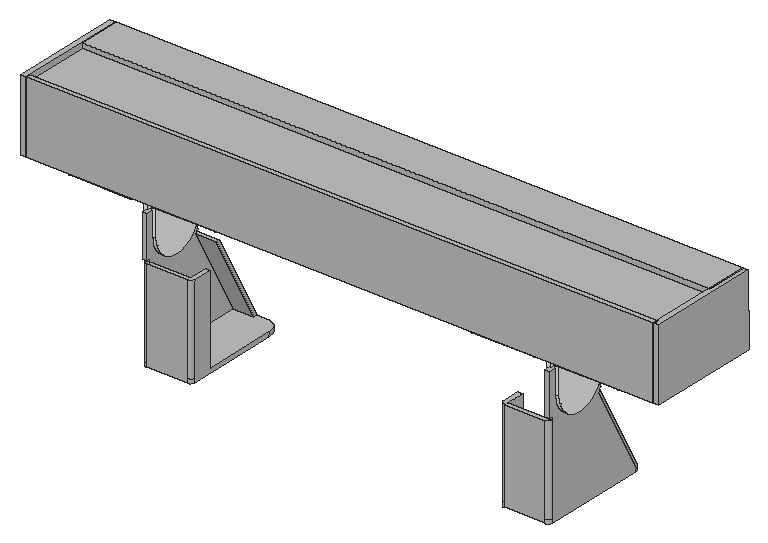
Revit family "4070742+4070747+4070771 Feilo Sylvania Lighting Fixtures CURSUS 306MM 218LM OVAL LED 4K with SINGLE WALL HOUSING with 70MM WALL BRACKET", category Lighting Fixtures, host Face, Revit 2017
Family settings
  Host = Face
  Round Connector Dimension = Use Diameter
  Part Type = Normal
  OmniClass Number = 23.80.70.14
  OmniClass Title = Luminaries for External Lighting
  Cut with Voids When Loaded = Yes
  Light Source = No
  Shared = No
  Room Calculation Point = No
Parameters (values of type "4070742 CURSUS 306MM 218LM OVAL LED 4K")
  Weight = "0.6 kg"
  Wattage Comments = "n/a"
  WarrantyStartDate [instance] = "n/a"
  WarrantyGuarantorParts = "n/a"
  WarrantyDurationUnit = "n/a"
  WarrantyDurationParts = "n/a"
  WarrantyDescription = "n/a"
  Voltage = 24 V
  URL = "http://www.sylvania-lighting.com"
  TypeName = "CURSUS 306MM 218LM OVAL LED 4K"
  TypeFixture_FEILO = CURSUS with SINGLE WALL HOUSING : CURSUS 306MM 218LM OVAL LED 4K
  Type Image = <None>
  Type Comments = "n/a"
  TiltAngle [instance] = 0.00°
  StartAngle [instance] = TiltAngle + 270.00°  # 270.00°
  SerialNumber [instance] = "n/a"
  ReflectorMaterial = none
  PowerFactor = 0
  PowerConsumption = "4.5 W"
  NominalLength = 306 mm
  NominalHeight = 50 mm
  NominalDepth = 30 mm
  Name = "CURSUS 306MM 218LM OVAL LED 4K"
  ModelReference = Name  # "CURSUS 306MM 218LM OVAL LED 4K"
  ModelNumber = "4070742"
  Model = Name  # "CURSUS 306MM 218LM OVAL LED 4K"
  Material = "natural anodised extruded aluminium structure housing, optical system with pmma lenses diffuser"
  ManufacturerName = "Feilo Sylvania"
  Manufacturer = "Feilo Sylvania"
  LuminousEfficacy = "48.44 lm/W"
  LuminaireType = ""
  LightOutputRatio = "100"
  LampsType = Lamp  # "LED"
  LampNominalLuminous = "218 lm"
  LampMacAdamStep = "n/a"
  LampColourTemperature = "4000 K"
  LampColourRenderingIndex = "80"
  Lamp = "LED"
  Keynote = "16500"
  InstallationDate [instance] = "n/a"
  InputVoltage = "24V DC"
  InputNominalFrequency = "n/a"
  IngressProtection = "IP67"
  ImpactProtectionIndex = "IK07"
  IfcExportType = "IfcLightFixtureType"
  IfcExportAs = "IfcLightFixtureType"
  ExpectedLife = 50000
  EndAngle [instance] = StartAngle - 180.00°  # 90.00°
  ElectricShockClassification = "Class III"
  DurationUnit = "hours"
  DocumentationLiterature = "http://www.sylvania-lighting.com/product/en-int/products/4070742"
  DimmingControlOptions = "n/a"
  DiffuserMaterial = Diffuser-Sylvania-Glow
  Description = "LED Exterior Lighting Recessed Surface Mounted Linear Fixture, Natural anodised extruded aluminium structure. Die-cast aluminium end caps. Installation kit with harmonic steel springs., 218 lm, 4,5W,  48lm/W, 4000K, CRI80+,non dimmable,IP67, IK07, (HxWxD) 306x50x30mm, 3 step Mac Adam Ellipse, 0.6kg,, Classe III, 21-25V-DC, energy class : A++, A+, A"
  Default Elevation = 1219.2 mm
  CreatedOn = "1/8/2018"
  CreatedBy = ""
  Cost = 0
  built-in parameter 1114216 [instance] = (empty or 0)
  ClassificationValue = "EF_70_80"
  ClassificationName = "Uniclass2015"
  BracketWidth = 24 mm
  BracketThickness = 2 mm
  BracketHeightEnd = 32 mm
  BracketHeight = 55 mm
  BracketFlange = BracketHeight / 5  # 11 mm
  BracketExtension = 70 mm
  BracketEndReduction = 25 mm
  BracketC = 22 mm  # constant formula
  BracketDistance = 175 mm
  BracketD = BracketHeightEnd - (BracketC * (BracketHeight - BracketHeightEnd) / (BracketExtension - BracketEndReduction))  # 20.756 mm
  BodyMaterial = Body-Sylvania-Gray
  BarCode [instance] = "n/a"
  AssetType = "Fixed"
  AssetIdentifier [instance] = "n/a"
  Assembly Code = "D5020200"
  Apparent Load = 4.5 VA
  AccessoryMaterial = Diffuser-Sylvania-Glow
Reference planes
  plane 1 "Center (Front/Back)": y = 0
  plane 2: z = 0
  plane 3 "Center (Left/Right)": x = 0
  plane 4: x = -99.5
  plane 5: x = 99.5
  plane 6: y = 55
  plane 7: x = -75.5
  plane 8: x = 75.5
  plane 9: z = 70
  plane 10: z = 56
  plane 11: z = 2
  plane 12: z = 45
  plane 13: x = -97.5
  plane 14: y = 53
  plane 15: y = 2
  plane 16: x = -77.5
  plane 17: x = 77.5
  plane 18: x = 97.5
  plane 19: x = -87.5
  plane 20: x = 87.5
  plane 21: y = 11
  plane 22: y = 32
  plane 23: y = 30
  plane 24: z = 67
  plane 25: y = 20.756
  plane 26: y = 16
Forms (mm)
  Blend 1, solid, material "Body-Sylvania-Gray" <- "BodyMaterial"
    base sketch origin (1223.4, -4572, 2) x (0, -1, 0) y (1, 0, 0)
      loop
        line (-4625, -1310.9) -> (-4627, -1310.9) -> (-4627, -1320.9)
        arc (-4627, -1320.9) -> (-4626.414, -1322.314) -> (-4625, -1322.9) r 2
        line (-4625, -1322.9) -> (-4574, -1322.9)
        arc (-4574, -1322.9) -> (-4572.586, -1322.314) -> (-4572, -1320.9) r 2
        line (-4572, -1320.9) -> (-4572, -1300.9)
        arc (-4572, -1300.9) -> (-4572.586, -1299.486) -> (-4574, -1298.9) r 2
        line (-4574, -1298.9) -> (-4583, -1298.9) -> (-4583, -1300.9) -> (-4574, -1300.9) -> (-4574, -1320.9) -> (-4625, -1320.9) -> (-4625, -1310.9)
    top sketch origin (1223.4, -4572, 2) x (0, -1, 0) y (1, 0, 0)
      loop
        line (-4583, -1300.9) -> (-4574, -1300.9) -> (-4574, -1320.9) -> (-4602, -1320.9) -> (-4602, -1310.9) -> (-4604, -1310.9) -> (-4604, -1320.9)
        arc (-4604, -1320.9) -> (-4603.52, -1322.21) -> (-4602.309, -1322.9) r 2.028
        line (-4602.309, -1322.9) -> (-4574, -1322.9)
        arc (-4574, -1322.9) -> (-4572.586, -1322.314) -> (-4572, -1320.9) r 2
        line (-4572, -1320.9) -> (-4572, -1300.9)
        arc (-4572, -1300.9) -> (-4572.586, -1299.486) -> (-4574, -1298.9) r 2
        line (-4574, -1298.9) -> (-4583, -1298.9) -> (-4583, -1300.9)
    from 0 to 43
  Extrusion 2, solid, material "Body-Sylvania-Gray" <- "BodyMaterial"
    sketch origin (0, 0, 0) x (1, 0, 0) y (0, 1, 0)
      loop
        arc (-97.5, 55) -> (-98.914, 54.414) -> (-99.5, 53) r 2
        line (-99.5, 53) -> (-99.5, 2)
        arc (-99.5, 2) -> (-98.914, 0.586) -> (-97.5, 0) r 2
        line (-97.5, 0) -> (-77.5, 0)
        arc (-77.5, 0) -> (-76.086, 0.586) -> (-75.5, 2) r 2
        line (-75.5, 2) -> (-75.5, 47.5)
        arc (-75.5, 47.5) -> (-77.697, 52.803) -> (-83, 55) r 7.5
        line (-83, 55) -> (-97.5, 55)
      loop
        line (97.5, 55) -> (83, 55)
        arc (83, 55) -> (77.697, 52.803) -> (75.5, 47.5) r 7.5
        line (75.5, 47.5) -> (75.5, 2)
        arc (75.5, 2) -> (76.086, 0.586) -> (77.5, 0) r 2
        line (77.5, 0) -> (97.5, 0)
        arc (97.5, 0) -> (98.914, 0.586) -> (99.5, 2) r 2
        line (99.5, 2) -> (99.5, 53)
        arc (99.5, 53) -> (98.914, 54.414) -> (97.5, 55) r 2
    from 0 to 2
  Blend 3, solid, material "Body-Sylvania-Gray" <- "BodyMaterial"
    base sketch origin (1223.4, -4572, 2) x (0, -1, 0) y (1, 0, 0)
      loop
        line (-4625, -1125.9) -> (-4574, -1125.9) -> (-4574, -1145.9) -> (-4583, -1145.9) -> (-4583, -1147.9) -> (-4574, -1147.9)
        arc (-4574, -1147.9) -> (-4572.586, -1147.314) -> (-4572, -1145.9) r 2
        line (-4572, -1145.9) -> (-4572, -1125.9)
        arc (-4572, -1125.9) -> (-4572.586, -1124.486) -> (-4574, -1123.9) r 2
        line (-4574, -1123.9) -> (-4625, -1123.9)
        arc (-4625, -1123.9) -> (-4626.414, -1124.486) -> (-4627, -1125.9) r 2
        line (-4627, -1125.9) -> (-4627, -1135.9) -> (-4625, -1135.9) -> (-4625, -1125.9)
    top sketch origin (1223.4, -4572, 2) x (0, -1, 0) y (1, 0, 0)
      loop
        line (-4602, -1135.9) -> (-4602, -1125.9) -> (-4574, -1125.9) -> (-4574, -1145.9) -> (-4583, -1145.9) -> (-4583, -1147.9) -> (-4574, -1147.9)
        arc (-4574, -1147.9) -> (-4572.586, -1147.314) -> (-4572, -1145.9) r 2
        line (-4572, -1145.9) -> (-4572, -1125.9)
        arc (-4572, -1125.9) -> (-4572.586, -1124.486) -> (-4574, -1123.9) r 2
        line (-4574, -1123.9) -> (-4602, -1123.9)
        arc (-4602, -1123.9) -> (-4603.414, -1124.486) -> (-4604, -1125.9) r 2
        line (-4604, -1125.9) -> (-4604, -1135.9) -> (-4602, -1135.9)
    from 0 to 43
  Blend 4, solid, material "Body-Sylvania-Gray" <- "BodyMaterial"
    base sketch origin (1223.4, -4572, 45) x (0, -1, 0) y (1, 0, 0)
      loop
        line (-4604, -1322.9) -> (-4572, -1322.9) -> (-4572, -1320.9) -> (-4604, -1320.9) -> (-4604, -1322.9)
    top sketch origin (1223.4, -4572, 45) x (0, -1, 0) y (1, 0, 0)
      loop
        line (-4572, -1322.9) -> (-4572, -1320.9) -> (-4592.756, -1320.9) -> (-4592.756, -1322.9) -> (-4572, -1322.9)
    from 0 to 22
  Blend 5, solid, material "Body-Sylvania-Gray" <- "BodyMaterial"
    base sketch origin (1223.4, -4572, 45) x (0, -1, 0) y (1, 0, 0)
      loop
        line (-4604, -1125.9) -> (-4572, -1125.9) -> (-4572, -1123.9) -> (-4604, -1123.9) -> (-4604, -1125.9)
    top sketch origin (1223.4, -4572, 45) x (0, -1, 0) y (1, 0, 0)
      loop
        line (-4572, -1123.9) -> (-4592.756, -1123.9) -> (-4592.756, -1125.9) -> (-4572, -1125.9) -> (-4572, -1123.9)
    from 0 to 22
  Extrusion 6, void
    sketch origin (0, 0, 0) x (0, 1, 0) y (0, 0, 1)
      loop
        line (0, 45) -> (2, 45) -> (2, 46.5) -> (0, 46.5) -> (0, 45)
      loop
        line (32, 45) -> (32, 46.5) -> (30, 46.5) -> (30, 45) -> (32, 45)
    from -99.5 to 99.5
  Revolve 7, solid, not visible
    sketch origin (1524, 16, 1219.2) x (1, 0, 0) y (0, 0, 1)
      loop
        line (-1524, -1152.2) -> (-1524, -1163.2) -> (-1436.5, -1163.2) -> (-1436.5, -1152.2) -> (-1524, -1152.2)
      axis (-1436.5, -1163.2) -> (-1524, -1163.2)
    angle from 270 <- "StartAngle" to 90 <- "EndAngle"
Cuts and joins
  Extrusion 6 cuts Blend 4
  Extrusion 6 cuts Blend 5
  joined: Blend 1, Extrusion 2, Blend 3, Blend 4, Blend 5
Lines and regions (mm)
  reference lines, not visible
    curve 1: line (-75.5, 16, 56) -> (75.5, 16, 56)
Dimensions and locks
  equal spacing: plane 4, plane 3 "Center (Left/Right)", plane 5
  "BracketDistance": plane 19 to plane 20
  "BracketHeight": plane 1 "Center (Front/Back)" to plane 6
  equal spacing: plane 7, plane 3 "Center (Left/Right)", plane 8
  "BracketWidth": plane 4 to plane 7
  "BracketExtension": plane 9 to plane 2
  "BracketThickness": plane 11 to plane 2
  "BracketEndReduction": plane 9 to plane 12
  equal spacing: plane 13, plane 3 "Center (Left/Right)", plane 18
  equal spacing: plane 16, plane 3 "Center (Left/Right)", plane 17
  "BracketThickness": plane 4 to plane 13
  "BracketThickness": plane 16 to plane 7
  "BracketThickness": plane 14 to plane 6
  "BracketThickness": plane 1 "Center (Front/Back)" to plane 15
  equal spacing: plane 4, plane 19, plane 7
  equal spacing: plane 8, plane 20, plane 5
  "BracketFlange": plane 1 "Center (Front/Back)" to plane 21
  "BracketHeightEnd": plane 1 "Center (Front/Back)" to plane 22
  "BracketThickness": plane 23 to plane 22
  locked: Extrusion 2 sketch curve to plane 7 at 7.5
  locked: Extrusion 2 sketch curve to plane 6 at 7.5  (x2)
  locked: plane 8 to Extrusion 2 sketch curve at 7.5
  "BracketC": plane 24 to plane 12
  "BracketD": plane 1 "Center (Front/Back)" to plane 25
  locked: plane 12 to Extrusion 6 sketch curve at 1.5
  equal spacing: plane 24, plane 10, plane 12
  equal spacing: plane 1 "Center (Front/Back)", plane 26, plane 22
  aligned and locked: plane 2 to host face
  aligned and locked: level to host face
  aligned and locked: plane 4 to Blend 1 sketch curve  (x2)
  aligned and locked: plane 13 to Blend 1 sketch curve  (x3)
  aligned and locked: Blend 1 sketch curve to plane 15
  aligned and locked: Blend 1 sketch curve to plane 16
  aligned and locked: Blend 1 sketch curve to plane 21
  aligned and locked: plane 7 to Blend 1 sketch curve
  aligned and locked: plane 16 to Blend 1 sketch curve
  aligned and locked: plane 1 "Center (Front/Back)" to Blend 1 sketch curve
  aligned and locked: plane 14 to Blend 1 sketch curve
  aligned and locked: Blend 1 sketch curve to var sketch  (x6)
  aligned and locked: Blend 1 sketch curve to plane 19
  aligned and locked: Blend 1 sketch curve to plane 22
  aligned and locked: plane 23 to Blend 1 sketch curve
  aligned and locked: plane 11 to Blend 1
  aligned and locked: Extrusion 2 sketch curve to Blend 1  (x3)
  aligned and locked: Extrusion 2 to level
  aligned and locked: Extrusion 2 to plane 11
  aligned and locked: Extrusion 2 sketch curve to plane 7
  aligned and locked: plane 18 to Blend 3 sketch curve  (x4)
  aligned and locked: plane 14 to Blend 3 sketch curve  (x2)
  aligned and locked: Blend 3 sketch curve to plane 20
  aligned and locked: Blend 3 sketch curve to plane 6
  aligned and locked: plane 5 to Blend 3 sketch curve
  aligned and locked: plane 1 "Center (Front/Back)" to Blend 3 sketch curve
  aligned and locked: plane 15 to Blend 3 sketch curve  (x2)
  aligned and locked: Blend 3 sketch curve to plane 8
  aligned and locked: Blend 3 sketch curve to plane 21
  aligned and locked: plane 17 to Blend 3 sketch curve
  aligned and locked: Blend 3 sketch curve to plane 18
  aligned and locked: plane 20 to Blend 3 sketch curve  (x2)
  aligned and locked: Blend 3 sketch curve to plane 23
  aligned and locked: Blend 3 sketch curve to var sketch  (x8)
  aligned and locked: var sketch to Blend 3 sketch curve
  aligned and locked: plane 22 to Blend 3 sketch curve
  aligned and locked: plane 11 to Blend 3
  aligned and locked: Extrusion 2 sketch curve to Blend 3  (x4)
  aligned and locked: Blend 1 to plane 12
  aligned and locked: Blend 3 to plane 12
  aligned and locked: Blend 4 sketch curve to plane 22
  aligned and locked: Blend 4 sketch curve to cut or joined group of Blend 1, Extrusion 2, Blend 3, Blend 4, Blend 5, Extrusion 6  (x2)
  aligned and locked: cut or joined group of Blend 1, Extrusion 2, Blend 3, Blend 4, Blend 5, Extrusion 6 to Blend 4 sketch curve
  aligned and locked: Blend 4 sketch curve to var sketch  (x2)
  aligned and locked: Blend 4 sketch curve to plane 13
  aligned and locked: Blend 4 to plane 24
  aligned and locked: Blend 4 sketch curve to plane 25
  aligned and locked: Blend 5 sketch curve to plane 18  (x2)
  aligned and locked: plane 1 "Center (Front/Back)" to Blend 5 sketch curve
  aligned and locked: plane 5 to Blend 5 sketch curve
  aligned and locked: plane 22 to Blend 5 sketch curve
  aligned and locked: Blend 5 sketch curve to var sketch
  aligned and locked: var sketch to Blend 5 sketch curve
  aligned and locked: Blend 5 sketch curve to plane 25
  aligned and locked: Blend 5 to plane 24
  aligned and locked: plane 12 to Blend 5
  aligned and locked: Extrusion 6 sketch curve to cut or joined group of Blend 1, Extrusion 2, Blend 3, Blend 4, Blend 5, Extrusion 6  (x2)
  aligned and locked: Extrusion 6 sketch curve to Extrusion 6 sketch curve
  aligned and locked: Extrusion 6 sketch curve to plane 15
  aligned and locked: plane 5 to Extrusion 6
  aligned and locked: Extrusion 6 to plane 4
  aligned and locked: Extrusion 6 sketch curve to plane 23
  aligned and locked: Revolve 7 sketch curve to plane 10  (x2)
  aligned and locked: plane 24 to Revolve 7 sketch curve
  aligned and locked: plane 3 "Center (Left/Right)" to Revolve 7 sketch curve
  aligned and locked: Revolve 7 sketch curve to plane 20
  aligned and locked: plane 7 to curve 1
  aligned and locked: plane 10 to curve 1
  aligned and locked: nested 1 to plane 5
  aligned and locked: nested 2 to plane 4
  aligned and locked: nested 1 to curve 1
  aligned and locked: nested 2 to curve 1
  aligned and locked: nested 1 to nested 3
  aligned and locked: nested 3 to plane 3 "Center (Left/Right)"
Automatic sketch dimensions
  host sketch curve to host sketch curve = 2438.4 mm  (x2)
  Blend 1 sketch curve to plane 13 = 0 mm
  plane 15 to Blend 1 sketch curve = 0 mm  (x3)
  Blend 1 sketch curve to plane 23 = 0.309 mm
  plane 6 to Blend 1 sketch curve = 0 mm
  plane 14 to Blend 1 sketch curve = 0 mm
  Blend 1 sketch curve to plane 19 = 0 mm
  Blend 3 sketch curve to plane 17 = 0 mm
  Extrusion 6 sketch curve to plane 1 "Center (Front/Back)" = 0 mm
  plane 12 to Extrusion 6 sketch curve = 0 mm
  Revolve 7 sketch curve to plane 4 = 1153 mm
  plane 5 to Revolve 7 sketch curve = 1161.4 mm
  curve 1 to plane 8 = 0 mm
Nested families
  nested 1: "MountingPlate" at (98.5, 16, 56) x (-1, 0, 0) z (0, 0, 1), type "MountingPlate"
  nested 2: "MountingPlate" at (-98.5, 16, 56) x (-1, 0, 0) z (0, 0, 1), type "MountingPlate"
  nested 3: "CURSUS with SINGLE WALL HOUSING" at (0, -4, 74) x (-1, 0, 0) z (0, 0, 1), type <- "TypeFixture_FEILO", type "CURSUS 306MM 218LM OVAL LED 4K"
    with WarrantyStartDate "n/a", SerialNumber "n/a", InstallationDate "n/a", EndCapRight yes, EndCapLeft yes, built-in parameter 1114216 (empty or 0), BarCode "n/a", AssetIdentifier "n/a"
Connectors
  electrical at (0, 0, 0), driven by "Voltage", driven by "Apparent Load", driven by "PowerFactor"
    settings: index 1, voltage 24 V, apparent load 4.5 VA, apparent load phase1 0 VA, apparent load phase2 0 VA, apparent load phase3 0 VA, power factor 0, load classification "Other", number of poles 1, system type 30, power factor state 1, is connector primary yes, connector utility no, sub classification motor no, connector description ""
Definition of nested family "MountingPlate"
  Parameters (values of type "MountingPlate")
    URL = "http://www.feilosylvania.com"
    Type Comments = "n/a"
    ReflectorMaterial = none
    MountingPlateWidth = 76 mm
    MountingPlateThickness = 2 mm
    MountingPlateRadiusBack = 12 mm
    MountingPlateRadius = 3 mm
    MountingPlateHeight = 35 mm
    Model = "n/a"
    Manufacturer = "Feilo Sylvania"
    Keynote = "n/a"
    DiffuserMaterial = none
    Description = "n/a"
    Default Elevation = 1219.2 mm
    Cost = 0
    BodyMaterial = none
    Assembly Code = "n/a"
    AccessoryMaterial = none
  Reference planes
    plane 1 "Center (Front/Back)": y = 0
    plane 2: z = 0
    plane 3 "Center (Left/Right)": x = 0
    plane 4: x = -38
    plane 5: x = 38
    plane 6: y = 17.5
    plane 7: y = -17.5
    plane 8: x = -3
    plane 9: x = 3
    plane 10: z = 18
    plane 11: z = 16
    plane 12: y = 12.5
    plane 13: y = -12.5
    plane 14: x = -1
    plane 15: x = 1
    plane 16: z = -12.5
    plane 17: z = -14.5
  Forms (mm)
    Extrusion 1, solid
      sketch origin (1.653, 0, 0) x (1, 0, 0) y (0, 1, 0)
        loop
          line (-1219.2, 1219.2) -> (-1219.2, -1219.2) -> (1219.2, -1219.2) -> (1219.2, 1219.2) -> (-1219.2, 1219.2)
      from 0 to -304.8
    Extrusion 2, solid, material <- "BodyMaterial"
      sketch origin (1218.4, -4572, 16) x (0, -1, 0) y (-1, 0, 0)
        loop
          line (-4589.5, 1253.4) -> (-4589.5, 1224.4)
          arc (-4589.5, 1224.4) -> (-4588.621, 1222.279) -> (-4586.5, 1221.4) r 3
          line (-4586.5, 1221.4) -> (-4557.5, 1221.4)
          arc (-4557.5, 1221.4) -> (-4555.379, 1222.279) -> (-4554.5, 1224.4) r 3
          line (-4554.5, 1224.4) -> (-4554.5, 1253.4)
          arc (-4554.5, 1253.4) -> (-4555.379, 1255.521) -> (-4557.5, 1256.4) r 3
          line (-4557.5, 1256.4) -> (-4586.5, 1256.4)
          arc (-4586.5, 1256.4) -> (-4588.621, 1255.521) -> (-4589.5, 1253.4) r 3
        loop
          arc (-4589.5, 1183.4) -> (-4588.621, 1181.279) -> (-4586.5, 1180.4) r 3
          line (-4586.5, 1180.4) -> (-4557.5, 1180.4)
          arc (-4557.5, 1180.4) -> (-4555.379, 1181.279) -> (-4554.5, 1183.4) r 3
          line (-4554.5, 1183.4) -> (-4554.5, 1212.4)
          arc (-4554.5, 1212.4) -> (-4555.379, 1214.521) -> (-4557.5, 1215.4) r 3
          line (-4557.5, 1215.4) -> (-4586.5, 1215.4)
          arc (-4586.5, 1215.4) -> (-4588.621, 1214.521) -> (-4589.5, 1212.4) r 3
          line (-4589.5, 1212.4) -> (-4589.5, 1183.4)
      from 0 to -2
    Extrusion 3, solid, material <- "BodyMaterial"
      sketch origin (0, 0, 0) x (1, 0, 0) y (0, 0, 1)
        loop
          line (-3, 18) -> (-3, -12.5) -> (-1, -12.5) -> (-1, 16)
          arc (-1, 16) -> (-1.586, 17.414) -> (-3, 18) r 2
        loop
          line (3, -12.5) -> (3, 18)
          arc (3, 18) -> (1.586, 17.414) -> (1, 16) r 2
          line (1, 16) -> (1, -12.5) -> (3, -12.5)
      from -12.5 to 12.5
    Extrusion 4, void
      sketch origin (0, 0, 0) x (0, 1, 0) y (0, 0, 1)
        loop
          line (-12.5, -0.5) -> (-17.5, -0.5) -> (-17.5, -14.5) -> (-0.5, -14.5) -> (-0.5, -12.5)
          arc (-0.5, -12.5) -> (-8.985, -8.985) -> (-12.5, -0.5) r 12
        loop
          line (0.5, -12.5) -> (0.5, -14.5) -> (17.5, -14.5) -> (17.5, -0.5) -> (12.5, -0.5)
          arc (12.5, -0.5) -> (8.985, -8.985) -> (0.5, -12.5) r 12
      from -3 to 3
  Cuts and joins
    Extrusion 4 cuts Extrusion 2
    Extrusion 4 cuts Extrusion 3
    joined: Extrusion 2, Extrusion 3
  Lines and regions (mm)
    reference lines
      curve 1: line (-38, 0, 0) -> (38, 0, 0)
  Dimensions and locks
    equal spacing: plane 4, plane 3 "Center (Left/Right)", plane 5
    "MountingPlateWidth": plane 4 to plane 5
    equal spacing: plane 7, plane 1 "Center (Front/Back)", plane 6
    "MountingPlateHeight": plane 7 to plane 6
    equal spacing: plane 8, plane 3 "Center (Left/Right)", plane 9
    "MountingPlateHeight": plane 4 to plane 8
    locked: plane 10 to plane 2 at 18
    "MountingPlateThickness": plane 10 to plane 11
    equal spacing: plane 13, plane 1 "Center (Front/Back)", plane 12
    locked: plane 13 to plane 12 at 25
    "MountingPlateRadius": plane 4 to Extrusion 2 sketch curve  (x2)
    "MountingPlateRadius": Extrusion 2 sketch curve to plane 6  (x4)
    "MountingPlateRadius": Extrusion 2 sketch curve to plane 8  (x2)
    "MountingPlateRadius": plane 7 to Extrusion 2 sketch curve  (x4)
    "MountingPlateRadius": plane 9 to Extrusion 2 sketch curve  (x2)
    "MountingPlateRadius": Extrusion 2 sketch curve to plane 5  (x2)
    equal spacing: plane 15, plane 3 "Center (Left/Right)", plane 14
    "MountingPlateThickness": plane 14 to plane 8
    locked: plane 2 to plane 16 at 12.5
    locked: plane 17 to plane 16 at 2
    "MountingPlateRadiusBack": plane 13 to Extrusion 4 sketch curve
    "MountingPlateRadiusBack": plane 16 to Extrusion 4 sketch curve  (x2)
    "MountingPlateRadiusBack": Extrusion 4 sketch curve to plane 12
    aligned and locked: plane 2 to Extrusion 1
    aligned and locked: level to Extrusion 1
    aligned and locked: Extrusion 2 sketch curve to plane 6
    aligned and locked: Extrusion 2 sketch curve to plane 4
    aligned and locked: plane 7 to Extrusion 2 sketch curve
    aligned and locked: plane 8 to Extrusion 2 sketch curve
    aligned and locked: plane 6 to Extrusion 2 sketch curve
    aligned and locked: Extrusion 2 sketch curve to plane 5
    aligned and locked: Extrusion 2 sketch curve to plane 7
    aligned and locked: plane 9 to Extrusion 2 sketch curve
    aligned and locked: Extrusion 2 to plane 10
    aligned and locked: plane 11 to Extrusion 2
    aligned and locked: Extrusion 3 sketch curve to Extrusion 2  (x2)
    aligned and locked: plane 16 to Extrusion 3 sketch curve  (x2)
    aligned and locked: plane 14 to Extrusion 3 sketch curve
    aligned and locked: plane 9 to Extrusion 3 sketch curve
    aligned and locked: plane 15 to Extrusion 3 sketch curve
    aligned and locked: Extrusion 3 to plane 12
    aligned and locked: plane 13 to Extrusion 3
    aligned and locked: plane 17 to Extrusion 4 sketch curve  (x2)
    aligned and locked: Extrusion 4 sketch curve to plane 7
    aligned and locked: Extrusion 4 sketch curve to plane 6
    aligned and locked: plane 9 to Extrusion 4
    aligned and locked: Extrusion 4 to plane 8
    aligned and locked: plane 4 to curve 1
    aligned and locked: curve 1 to level
  Automatic sketch dimensions
    Extrusion 1 sketch curve to Extrusion 1 sketch curve = 2438.4 mm  (x2)
    Extrusion 3 sketch curve to plane 11 = 0 mm
    curve 1 to plane 5 = 0 mm
    Extrusion 4 sketch curve to plane 13 = 0 mm
    Extrusion 4 sketch curve to plane 12 = 0 mm
Definition of nested family "CURSUS with SINGLE WALL HOUSING"
  Parameters (values of type "CURSUS 1161MM 827LM OVAL LED 3K")
    Width_FEILO = 35 mm
    Weight = "2.2 kg"
    Wattage Comments = "n/a"
    Wattage = 18 W
    WarrantyStartDate [instance] = "n/a"
    WarrantyGuarantorParts = "n/a"
    WarrantyDurationUnit = "n/a"
    WarrantyDurationParts = "n/a"
    WarrantyDescription = "n/a"
    WallThickness_FEILO = 2.5 mm
    built-in parameter 1150110 = 1 (stored number, unit not read)
    Voltage = 24 V
    URL = "http://www.feilosylvania.com"
    TypeName = "CURSUS 1161MM 827LM OVAL LED 3K"
    Type Image = (empty or 0)
    Type Comments = "n/a"
    built-in parameter 1114217 = 1 (stored number, unit not read)
    Tilt Angle = -90.00°
    built-in parameter 1150109 = 1 (stored number, unit not read)
    built-in parameter 1150134 = (empty or 0)
    built-in parameter 1150113 = 1 (stored number, unit not read)
    SerialNumber [instance] = "n/a"
    ReflectorMaterial = none
    PowerFactor = 0
    PowerConsumption = "18 W"
    Photometric Web File = "4070765.ies"
    NominalLength = 1161 mm
    NominalHeight = 50 mm
    NominalDepth = 30 mm
    Name = "CURSUS 1161MM 827LM OVAL LED 3K"
    ModelReference = Name  # "CURSUS 1161MM 827LM OVAL LED 3K"
    ModelNumber = ""
    Model = Name  # "CURSUS 1161MM 827LM OVAL LED 3K"
    Material = "natural anodised extruded aluminium structure housing, optical system with pmma lenses diffuser"
    ManufacturerName = "Feilo Sylvania"
    Manufacturer = "Feilo Sylvania"
    LuminousEfficacy = "45.94 lm/W"
    built-in parameter 1150105 = 1166.5 (stored number, unit not read)
    Lumens = 827 lm
    LuminaireType = ""
    built-in parameter 1150115 = 1 (stored number, unit not read)
    LightOutputRatio = "100"
    built-in parameter 1150137 = (empty or 0)
    built-in parameter 1150139 = (empty or 0)
    Length_FEILO = 1167 mm
    LampsType = Lamp  # "LED"
    LampNominalLuminous = "827 lm"
    LampMacAdamStep = "n/a"
    LampColourTemperature = "3000 K"
    LampColourRenderingIndex = "80"
    built-in parameter 1150112 = 1 (stored number, unit not read)
    built-in parameter 1150114 = 1 (stored number, unit not read)
    Lamp = "LED"
    Keynote = "16500"
    InstallationDate [instance] = "n/a"
    InputVoltage = "24V DC"
    InputNominalFrequency = "n/a"
    built-in parameter 1150132 = (empty or 0)
    built-in parameter 1150102 = (empty or 0)
    built-in parameter 1150107 = 3000 (stored number, unit not read)
    built-in parameter 1150138 = (empty or 0)
    IngressProtection = "IP67"
    ImpactProtectionIndex = "IK07"
    built-in parameter 1150106 = 11.665 (stored number, unit not read)
    IfcExportType = "IfcLightFixtureType"
    IfcExportAs = "IfcLightFixtureType"
    ExpectedLife = 50000
    EndCapRight [instance] = yes
    EndCapLeft [instance] = yes
    Emit from Rectangle Width = Width_FEILO - WallThickness_FEILO * 2  # 30 mm
    Emit from Rectangle Length = Length_FEILO - WallThickness_FEILO * 2  # 1162 mm
    Emit Shape Visible in Rendering = no
    ElectricShockClassification = "Class III"
    built-in parameter 1150104 = 4.2684 (stored number, unit not read)
    DurationUnit = "hours"
    DocumentationLiterature = "http://www.feilosylvania.com/product/en-int/products/4070765"
    DimmingControlOptions = "n/a"
    Dimming Lamp Color Temperature Shift = (empty or 0)
    DiffuserMaterial = none
    Description = "LED Exterior Lighting Recessed Surface Mounted Linear Fixture, Natural anodised extruded aluminium structure. Die-cast aluminium end caps. Installation kit with harmonic steel springs., 827 lm, 18W, 45lm/W, 3000K, CRI80+,non dimmable,IP67, IK07, (HxWxD) 1161x50x30mm, 3 step Mac Adam Ellipse, 2.2kg,, Classe III, 21-25V-DC, energy class : A++, A+, A"
    Default Elevation = 1219.2 mm
    CreatedOn = "1/8/2018"
    CreatedBy = "aron.fodor@feilosylvania.com"
    Cost = 0
    Color Filter = 16777215
    built-in parameter 1114216 [instance] = (empty or 0)
    ClassificationValue = "EF_70_80"
    ClassificationName = "Uniclass2015"
    BodyMaterial = none
    BarCode [instance] = "n/a"
    built-in parameter 1114218 = 1 (stored number, unit not read)
    built-in parameter 1150133 = 10 (stored number, unit not read)
    AssetType = "Fixed"
    AssetIdentifier [instance] = "n/a"
    Assembly Code = "D5020200"
    Apparent Load = 18 VA
    AccessoryMaterial = none
  Types (16, lengths in mm): name | Weight | Wattage | Voltage | TypeName | built-in parameter 1150134 | PowerConsumption | Photometric Web File | NominalLength | Name | ModelReference | Model | Material | LuminousEfficacy | built-in parameter 1150105 | Lumens | Length_FEILO | LampNominalLuminous | LampColourTemperature | InputVoltage | InputNominalFrequency | built-in parameter 1150107 | built-in parameter 1150106 | Emit from Rectangle Length | built-in parameter 1150104 | DocumentationLiterature | Description | Apparent Load
    CURSUS 1161MM 827LM OVAL LED 3K | "2.2 kg" | 18 W | 24 V | "CURSUS 1161MM 827LM OVAL LED 3K" | (empty or 0) | "18 W" | "4070765.ies" | 1161 | "CURSUS 1161MM 827LM OVAL LED 3K" | "CURSUS 1161MM 827LM OVAL LED 3K" | "CURSUS 1161MM 827LM OVAL LED 3K" | "natural anodised extruded aluminium structure housing, optical system with pmma lenses diffuser" | "45.94 lm/W" | 1166.5 (stored number, unit not read) | 827 lm | 1167 | "827 lm" | "3000 K" | "24V DC" | "n/a" | 3000 (stored number, unit not read) | 11.665 (stored number, unit not read) | 1162 | 4.2684 (stored number, unit not read) | "http://www.feilosylvania.com/product/en-int/products/4070765" | "LED Exterior Lighting Recessed Surface Mounted Linear Fixture, Natural anodised extruded aluminium structure. Die-cast aluminium end caps. Installation kit with harmonic steel springs., 827 lm, 18W, 45lm/W, 3000K, CRI80+,non dimmable,IP67, IK07, (HxWxD) 1161x50x30mm, 3 step Mac Adam Ellipse, 2.2kg,, Classe III, 21-25V-DC, energy class : A++, A+, A" | 18 VA
    CURSUS 1161MM 731LM WIDE LED 3K | "2.2 kg" | 18 W | 230 V | "CURSUS 1161MM 731LM WIDE LED 3K" | (empty or 0) | "18 W" | "4070764.ies" | 1161 | "CURSUS 1161MM 731LM WIDE LED 3K" | "CURSUS 1161MM 731LM WIDE LED 3K" | "CURSUS 1161MM 731LM WIDE LED 3K" | "natural anodised extruded aluminium structure housing" | "40.61 lm/W" | 403.47 (stored number, unit not read) | 731 lm | 1167 | "731 lm" | "3000 K" | "220-240V~" | "n/a" | 3000 (stored number, unit not read) | 4.0347 (stored number, unit not read) | 1162 | 3.7729 (stored number, unit not read) | "http://www.feilosylvania.com/product/en-int/products/4070764" | "LED Exterior Lighting Recessed Surface Mounted Linear Fixture, Natural anodised extruded aluminium structure. Die-cast aluminium end caps. Installation kit with harmonic steel springs., 731 lm, 18W, 40lm/W, 3000K, CRI80+,non dimmable,IP67, IK07, (HxWxD) 1161x50x30mm, 3 step Mac Adam Ellipse, 2.2kg,, Classe III, 21-25V-DC, energy class : A++, A+, A" | 18 VA
    CURSUS 1161MM 871LM OVAL LED 4K | "2.2 kg" | 18 W | 24 V | "CURSUS 1161MM 871LM OVAL LED 4K" | 12 | "18 W" | "4070763.ies" | 1161 | "CURSUS 1161MM 871LM OVAL LED 4K" | "CURSUS 1161MM 871LM OVAL LED 4K" | "CURSUS 1161MM 871LM OVAL LED 4K" | "natural anodised extruded aluminium structure housing, optical system with pmma lenses diffuser" | "48.38 lm/W" | 1192.8 (stored number, unit not read) | 871 lm | 1167 | "871 lm" | "4000 K" | "24V DC" | "50/60 Hz" | 4000 (stored number, unit not read) | 11.928 (stored number, unit not read) | 1162 | 4.4955 (stored number, unit not read) | "http://www.feilosylvania.com/product/en-int/products/4070763" | "LED Exterior Lighting Recessed Surface Mounted Linear Fixture, Natural anodised extruded aluminium structure. Die-cast aluminium end caps. Installation kit with harmonic steel springs., 871 lm, 18W,  48lm/W, 4000K, CRI80+,non dimmable,IP67, IK07, (HxWxD) 1161x50x30mm, 3 step Mac Adam Ellipse, 2.2kg,, Classe III, 21-25V-DC, energy class : A++, A+, A" | 18 VA
    CURSUS 1161MM 770LM WIDE LED 4K | "2.2 kg" | 18 W | 230 V | "CURSUS 1161MM 770LM WIDE LED 4K" | 12 | "18 W" | "4070762.ies" | 1161 | "CURSUS 1161MM 770LM WIDE LED 4K" | "CURSUS 1161MM 770LM WIDE LED 4K" | "CURSUS 1161MM 770LM WIDE LED 4K" | "natural anodised extruded aluminium structure housing" | "42.77 lm/W" | 424.94 (stored number, unit not read) | 770 lm | 1167 | "770 lm" | "4000 K" | "220-240V~" | "n/a" | 4000 (stored number, unit not read) | 4.2494 (stored number, unit not read) | 1162 | 3.9742 (stored number, unit not read) | "http://www.feilosylvania.com/product/en-int/products/4070762" | "LED Exterior Lighting Recessed Surface Mounted Linear Fixture, Natural anodised extruded aluminium structure. Die-cast aluminium end caps. Installation kit with harmonic steel springs., 770 lm, 18W,  42lm/W, 4000K, CRI80+,non dimmable,IP67, IK07, (HxWxD) 1161x50x30mm, 3 step Mac Adam Ellipse, 2.2kg,, Classe III, 21-25V-DC, energy class : A++, A+, A" | 18 VA
    CURSUS 876MM 620LM OVAL LED 3K | "1.7 kg" | 13.5 W | 24 V | "CURSUS 876MM 620LM OVAL LED 3K" | (empty or 0) | "13.5 W" | "4070758.ies" | 876 | "CURSUS 876MM 620LM OVAL LED 3K" | "CURSUS 876MM 620LM OVAL LED 3K" | "CURSUS 876MM 620LM OVAL LED 3K" | "natural anodised extruded aluminium structure housing, optical system with pmma lenses diffuser" | "45.92 lm/W" | 874.55 (stored number, unit not read) | 620 lm | 882 | "620 lm" | "3000 K" | "24V DC" | "50/60 Hz" | 3000 (stored number, unit not read) | 8.7455 (stored number, unit not read) | 877 | 4.2667 (stored number, unit not read) | "http://www.feilosylvania.com/product/en-int/products/4070758" | "LED Exterior Lighting Recessed Surface Mounted Linear Fixture, Natural anodised extruded aluminium structure. Die-cast aluminium end caps. Installation kit with harmonic steel springs., 620 lm, 13,5W, 45lm/W, 3000K, CRI80+,non dimmable,IP67, IK07, (HxWxD) 876x50x30mm, 3 step Mac Adam Ellipse, 1.7kg,, Classe III, 21-25V-DC, energy class : A++, A+, A" | 13.5 VA
    CURSUS 876MM 548LM WIDE LED 3K | "1.7 kg" | 13.5 W | 24 V | "CURSUS 876MM 548LM WIDE LED 3K" | (empty or 0) | "13.5 W" | "4070757.ies" | 876 | "CURSUS 876MM 548LM WIDE LED 3K" | "CURSUS 876MM 548LM WIDE LED 3K" | "CURSUS 876MM 548LM WIDE LED 3K" | "natural anodised extruded aluminium structure housing" | "40.59 lm/W" | 302.47 (stored number, unit not read) | 548 lm | 882 | "548 lm" | "3000 K" | "24V DC" | "n/a" | 3000 (stored number, unit not read) | 3.0247 (stored number, unit not read) | 877 | 3.7712 (stored number, unit not read) | "http://www.feilosylvania.com/product/en-int/products/4070757" | "LED Exterior Lighting Recessed Surface Mounted Linear Fixture, Natural anodised extruded aluminium structure. Die-cast aluminium end caps. Installation kit with harmonic steel springs., 548 lm, 13,5W, 40lm/W, 3000K, CRI80+,non dimmable,IP67, IK07, (HxWxD) 876x50x30mm, 3 step Mac Adam Ellipse, 1.7kg,, Classe III, 21-25V-DC, energy class : A++, A+, A" | 13.5 VA
    CURSUS 876MM 653LM OVAL LED 4K | "1.7 kg" | 13.5 W | 24 V | "CURSUS 876MM 653LM OVAL LED 4K" | 12 | "13.5 W" | "4070756.ies" | 876 | "CURSUS 876MM 653LM OVAL LED 4K" | "CURSUS 876MM 653LM OVAL LED 4K" | "CURSUS 876MM 653LM OVAL LED 4K" | "natural anodised extruded aluminium structure housing, optical system with pmma lenses diffuser" | "48.37 lm/W" | 894.28 (stored number, unit not read) | 653 lm | 882 | "653 lm" | "4000 K" | "24V DC" | "n/a" | 4000 (stored number, unit not read) | 8.9428 (stored number, unit not read) | 877 | 4.4938 (stored number, unit not read) | "http://www.feilosylvania.com/product/en-int/products/4070756" | "LED Exterior Lighting Recessed Surface Mounted Linear Fixture, Natural anodised extruded aluminium structure. Die-cast aluminium end caps. Installation kit with harmonic steel springs., 653 lm, 13,5W,  48lm/W, 4000K, CRI80+,non dimmable,IP67, IK07, (HxWxD) 876x50x30mm, 3 step Mac Adam Ellipse, 1.7kg,, Classe III, 21-25V-DC, energy class : A++, A+, A" | 13.5 VA
    CURSUS 876MM 577LM WIDE LED 4K | "1.7 kg" | 13.5 W | 24 V | "CURSUS 876MM 577LM WIDE LED 4K" | 12 | "13.5 W" | "4070755.ies" | 876 | "CURSUS 876MM 577LM WIDE LED 4K" | "CURSUS 876MM 577LM WIDE LED 4K" | "CURSUS 876MM 577LM WIDE LED 4K" | "natural anodised extruded aluminium structure housing" | "42.74 lm/W" | 318.43 (stored number, unit not read) | 577 lm | 882 | "577 lm" | "4000 K" | "24V DC" | "n/a" | 4000 (stored number, unit not read) | 3.1843 (stored number, unit not read) | 877 | 3.9707 (stored number, unit not read) | "http://www.feilosylvania.com/product/en-int/products/4070755" | "LED Exterior Lighting Recessed Surface Mounted Linear Fixture, Natural anodised extruded aluminium structure. Die-cast aluminium end caps. Installation kit with harmonic steel springs., 577 lm, 13,5W,  42lm/W, 4000K, CRI80+,non dimmable,IP67, IK07, (HxWxD) 876x50x30mm, 3 step Mac Adam Ellipse, 1.7kg,, Classe III, 21-25V-DC, energy class : A++, A+, A" | 13.5 VA
    CURSUS 591MM 414LM OVAL LED 3K | "1.2 kg" | 9 W | 24 V | "CURSUS 591MM 414LM OVAL LED 3K" | (empty or 0) | "9 W" | "4070751.ies" | 591 | "CURSUS 591MM 414LM OVAL LED 3K" | "CURSUS 591MM 414LM OVAL LED 3K" | "CURSUS 591MM 414LM OVAL LED 3K" | "natural anodised extruded aluminium structure housing, optical system with pmma lenses diffuser" | "46 lm/W" | 583.97 (stored number, unit not read) | 414 lm | 597 | "414 lm" | "3000 K" | "24V DC" | "n/a" | 3000 (stored number, unit not read) | 5.8397 (stored number, unit not read) | 592 | 4.2735 (stored number, unit not read) | "http://www.feilosylvania.com/product/en-int/products/4070751" | "LED Exterior Lighting Recessed Surface Mounted Linear Fixture, Natural anodised extruded aluminium structure. Die-cast aluminium end caps. Installation kit with harmonic steel springs., 414 lm, 9W, 46lm/W, 3000K, CRI80+,non dimmable,IP67, IK07, (HxWxD) 591x50x30mm, 3 step Mac Adam Ellipse, 1.2kg,, Classe III, 21-25V-DC, energy class : A++, A+, A" | 9 VA
    CURSUS 591MM 365LM WIDE LED 3K | "1.2 kg" | 9 W | 24 V | "CURSUS 591MM 365LM WIDE LED 3K" | (empty or 0) | "9 W" | "4070750.ies" | 591 | "CURSUS 591MM 365LM WIDE LED 3K" | "CURSUS 591MM 365LM WIDE LED 3K" | "CURSUS 591MM 365LM WIDE LED 3K" | "natural anodised extruded aluminium structure housing" | "40.55 lm/W" | 201.45 (stored number, unit not read) | 365 lm | 597 | "365 lm" | "3000 K" | "24V DC" | "n/a" | 3000 (stored number, unit not read) | 2.0145 (stored number, unit not read) | 592 | 3.7677 (stored number, unit not read) | "http://www.feilosylvania.com/product/en-int/products/4070750" | "LED Exterior Lighting Recessed Surface Mounted Linear Fixture, Natural anodised extruded aluminium structure. Die-cast aluminium end caps. Installation kit with harmonic steel springs., 365 lm, 9W, 40lm/W, 3000K, CRI80+,non dimmable,IP67, IK07, (HxWxD) 591x50x30mm, 3 step Mac Adam Ellipse, 1.2kg,, Classe III, 21-25V-DC, energy class : A++, A+, A" | 9 VA
    CURSUS 591MM 435LM OVAL LED 4K | "1.2 kg" | 9 W | 24 V | "CURSUS 591MM 435LM OVAL LED 4K" | 12 | "9 W" | "4070749.ies" | 591 | "CURSUS 591MM 435LM OVAL LED 4K" | "CURSUS 591MM 435LM OVAL LED 4K" | "CURSUS 591MM 435LM OVAL LED 4K" | "natural anodised extruded aluminium structure housing, optical system with pmma lenses diffuser" | "48.33 lm/W" | 595.73 (stored number, unit not read) | 435 lm | 597 | "435 lm" | "4000 K" | "24V DC" | "n/a" | 4000 (stored number, unit not read) | 5.9573 (stored number, unit not read) | 592 | 4.4903 (stored number, unit not read) | "http://www.feilosylvania.com/product/en-int/products/4070749" | "LED Exterior Lighting Recessed Surface Mounted Linear Fixture, Natural anodised extruded aluminium structure. Die-cast aluminium end caps. Installation kit with harmonic steel springs., 435 lm, 9W, 48lm/W, 4000K, CRI80+,non dimmable,IP67, IK07, (HxWxD) 591x50x30mm, 3 step Mac Adam Ellipse, 1.2kg,, Classe III, 21-25V-DC, energy class : A++, A+, A" | 9 VA
    CURSUS 591MM 385LM WIDE LED 4K | "1.2 kg" | 9 W | 24 V | "CURSUS 591MM 385LM WIDE LED 4K" | 12 | "9 W" | "4070748.ies" | 591 | "CURSUS 591MM 385LM WIDE LED 4K" | "CURSUS 591MM 385LM WIDE LED 4K" | "CURSUS 591MM 385LM WIDE LED 4K" | "natural anodised extruded aluminium structure housing" | "42.77 lm/W" | 212.47 (stored number, unit not read) | 385 lm | 597 | "385 lm" | "4000 K" | "24V DC" | "n/a" | 4000 (stored number, unit not read) | 2.1247 (stored number, unit not read) | 592 | 3.9742 (stored number, unit not read) | "http://www.feilosylvania.com/product/en-int/products/4070748" | "LED Exterior Lighting Recessed Surface Mounted Linear Fixture, Natural anodised extruded aluminium structure. Die-cast aluminium end caps. Installation kit with harmonic steel springs., 385 lm, 9W,  42lm/W, 4000K, CRI80+,non dimmable,IP67, IK07, (HxWxD) 591x50x30mm, 3 step Mac Adam Ellipse, 1.2kg,, Classe III, 21-25V-DC, energy class : A++, A+, A" | 9 VA
    CURSUS 306MM 207LM OVAL LED3K | "0.6 kg" | 4.5 W | 24 V | "CURSUS 306MM 207LM OVAL LED3K" | (empty or 0) | "4.5 W" | "4070744.ies" | 306 | "CURSUS 306MM 207LM OVAL LED3K" | "CURSUS 306MM 207LM OVAL LED3K" | "CURSUS 306MM 207LM OVAL LED3K" | "natural anodised extruded aluminium structure housing, optical system with pmma lenses diffuser" | "46 lm/W" | 291.98 (stored number, unit not read) | 207 lm | 312 | "207 lm" | "3000 K" | "24V DC" | "n/a" | 3000 (stored number, unit not read) | 2.9198 (stored number, unit not read) | 307 | 4.2735 (stored number, unit not read) | "http://www.feilosylvania.com/product/en-int/products/4070744" | "LED Exterior Lighting Recessed Surface Mounted Linear Fixture, Natural anodised extruded aluminium structure. Die-cast aluminium end caps. Installation kit with harmonic steel springs., 207 lm, 4,5W, 46lm/W, 3000K, CRI80+,non dimmable,IP67, IK07, (HxWxD) 306x50x30mm, 3 step Mac Adam Ellipse, 0.6kg,, Classe III, 21-25V-DC, energy class : A++, A+, A" | 4.5 VA
    CURSUS 306MM 183LM WIDE LED 3K | "0.6 kg" | 4.5 W | 24 V | "CURSUS 306MM 183LM WIDE LED 3K" | (empty or 0) | "4.5 W" | "4070743.ies" | 306 | "CURSUS 306MM 183LM WIDE LED 3K" | "CURSUS 306MM 183LM WIDE LED 3K" | "CURSUS 306MM 183LM WIDE LED 3K" | "natural anodised extruded aluminium structure housing" | "40.66 lm/W" | 101.01 (stored number, unit not read) | 183 lm | 312 | "183 lm" | "3000 K" | "24V DC" | "n/a" | 3000 (stored number, unit not read) | 1.0101 (stored number, unit not read) | 307 | 3.7781 (stored number, unit not read) | "http://www.feilosylvania.com/product/en-int/products/4070743" | "LED Exterior Lighting Recessed Surface Mounted Linear Fixture, Natural anodised extruded aluminium structure. Die-cast aluminium end caps. Installation kit with harmonic steel springs., 183 lm, 4,5W, 40lm/W, 3000K, CRI80+,non dimmable,IP67, IK07, (HxWxD) 306x50x30mm, 3 step Mac Adam Ellipse, 0.6kg,, Classe III, 21-25V-DC, energy class : A++, A+, A" | 4.5 VA
    CURSUS 306MM 218LM OVAL LED 4K | "0.6 kg" | 4.5 W | 24 V | "CURSUS 306MM 218LM OVAL LED 4K" | 12 | "4.5 W" | "4070742.ies" | 306 | "CURSUS 306MM 218LM OVAL LED 4K" | "CURSUS 306MM 218LM OVAL LED 4K" | "CURSUS 306MM 218LM OVAL LED 4K" | "natural anodised extruded aluminium structure housing, optical system with pmma lenses diffuser" | "48.44 lm/W" | 298.55 (stored number, unit not read) | 218 lm | 312 | "218 lm" | "4000 K" | "24V DC" | "n/a" | 4000 (stored number, unit not read) | 2.9855 (stored number, unit not read) | 307 | 4.5006 (stored number, unit not read) | "http://www.feilosylvania.com/product/en-int/products/4070742" | "LED Exterior Lighting Recessed Surface Mounted Linear Fixture, Natural anodised extruded aluminium structure. Die-cast aluminium end caps. Installation kit with harmonic steel springs., 218 lm, 4,5W,  48lm/W, 4000K, CRI80+,non dimmable,IP67, IK07, (HxWxD) 306x50x30mm, 3 step Mac Adam Ellipse, 0.6kg,, Classe III, 21-25V-DC, energy class : A++, A+, A" | 4.5 VA
    CURSUS 306MM 192LM WIDE LED 4K | "0.6 kg" | 4.5 W | 24 V | "CURSUS 306MM 192LM WIDE LED 4K" | 12 | "4.5 W" | "4070741.ies" | 306 | "CURSUS 306MM 192LM WIDE LED 4K" | "CURSUS 306MM 192LM WIDE LED 4K" | "CURSUS 306MM 192LM WIDE LED 4K" | "natural anodised extruded aluminium structure housing" | "42.66 lm/W" | 105.96 (stored number, unit not read) | 192 lm | 312 | "192 lm" | "4000 K" | "24V DC" | "n/a" | 4000 (stored number, unit not read) | 1.0596 (stored number, unit not read) | 307 | 3.9639 (stored number, unit not read) | "http://www.feilosylvania.com/product/en-int/products/4070741" | "LED Exterior Lighting Recessed Surface Mounted Linear Fixture, Natural anodised extruded aluminium structure. Die-cast aluminium end caps. Installation kit with harmonic steel springs., 192 lm, 4,5W,  42lm/W, 4000K, CRI80+,non dimmable,IP67, IK07, (HxWxD) 306x50x30mm, 3 step Mac Adam Ellipse, 0.6kg,, Classe III, 21-25V-DC, energy class : A++, A+, A" | 4.5 VA
  Reference planes
    plane 1 "Center (Front/Back)": y = 0
    plane 2: z = 0
    plane 3 "Center (Left/Right)": x = 0
    plane 4: x = 583.5
    plane 5: x = -583.5
    plane 6: x = -581
    plane 7: x = 581
    plane 8: z = 35
    plane 9: z = 17.5
    plane 10: z = 32.5
    plane 11: z = 2.5
    plane 12: z = 30
    plane 13: z = 5
    plane 14: y = -55
    plane 15: y = -53
    plane 16: y = -2.5
    plane 17: y = -37
    plane 18: y = -34.5
  Forms (mm)
    Extrusion 1, solid
      sketch origin (4.2, 0, 0) x (1, 0, 0) y (0, 1, 0)
        loop
          line (-1219.2, 1219.2) -> (-1219.2, -1219.2) -> (1219.2, -1219.2) -> (1219.2, 1219.2) -> (-1219.2, 1219.2)
      from 0 to -304.8
    Extrusion 2, solid, material <- "BodyMaterial"
      sketch origin (0, 0, 0) x (0, 1, 0) y (0, 0, 1)
        loop
          line (0, 35) -> (-2.5, 35) -> (-2.5, 32.5) -> (-34.5, 32.5) -> (-34.5, 35) -> (-55, 35) -> (-55, 32.5) -> (-37, 32.5) -> (-37, 30) -> (-2.5, 30) -> (-2.5, 5) -> (-37, 5) -> (-37, 2.5) -> (-55, 2.5) -> (-55, 0) -> (-34.5, 0) -> (-34.5, 2.5) -> (-2.5, 2.5) -> (-2.5, 0) -> (0, 0) -> (0, 35)
      from -581 to 581
    Extrusion 3, solid, material <- "DiffuserMaterial"
      sketch origin (0, 0, 0) x (0, 1, 0) y (0, 0, 1)
        loop
          line (-37, 32.5) -> (-55, 32.5) -> (-55, 19.5) -> (-53, 17.5) -> (-55, 15.5) -> (-55, 2.5) -> (-37, 2.5) -> (-37, 32.5)
      from -581 to 581
    Extrusion 4, solid, material <- "BodyMaterial", visible <- "EndCapRight"
      sketch origin (581, 1524, 1219.2) x (0, 1, 0) y (0, 0, 1)
        loop
          line (-1579, -1184.2) -> (-1579, -1219.2) -> (-1524, -1219.2) -> (-1524, -1184.2) -> (-1579, -1184.2)
      from 0 to 2.5
    Extrusion 5, solid, material <- "BodyMaterial", visible <- "EndCapLeft"
      sketch origin (-581, 1524, 1219.2) x (0, 1, 0) y (0, 0, 1)
        loop
          line (-1579, -1184.2) -> (-1579, -1219.2) -> (-1524, -1219.2) -> (-1524, -1184.2) -> (-1579, -1184.2)
      from -2.5 to 0
  Dimensions and locks
    equal spacing: plane 5, plane 3 "Center (Left/Right)", plane 4
    "Length_FEILO": plane 5 to plane 4
    equal spacing: plane 6, plane 3 "Center (Left/Right)", plane 7
    "WallThickness_FEILO": plane 5 to plane 6
    locked: plane 9 to plane 2 at 17.5
    locked: plane 8 to plane 2 at 35
    equal spacing: plane 11, plane 9, plane 10
    equal spacing: plane 13, plane 9, plane 12
    "WallThickness_FEILO": plane 12 to plane 10
    locked: plane 14 to plane 15 at 2
    locked: plane 14 to plane 17 at 18
    "WallThickness_FEILO": plane 17 to plane 18
    "WallThickness_FEILO": plane 16 to plane 1 "Center (Front/Back)"
    locked: plane 15 to Extrusion 3 sketch curve (angle 45.00°)
    locked: Extrusion 3 sketch curve to plane 15 (angle 45.00°)
    aligned and locked: plane 2 to Extrusion 1
    aligned and locked: level to Extrusion 1
    aligned and locked: plane 1 "Center (Front/Back)" to Extrusion 2 sketch curve
    aligned and locked: Extrusion 2 sketch curve to plane 8  (x2)
    aligned and locked: plane 16 to Extrusion 2 sketch curve
    aligned and locked: Extrusion 1 to Extrusion 2 sketch curve
    aligned and locked: Extrusion 2 sketch curve to plane 16  (x2)
    aligned and locked: Extrusion 2 sketch curve to plane 11
    aligned and locked: plane 18 to Extrusion 2 sketch curve
    aligned and locked: level to Extrusion 2 sketch curve
    aligned and locked: plane 11 to Extrusion 2 sketch curve
    aligned and locked: Extrusion 2 sketch curve to plane 17
    aligned and locked: plane 13 to Extrusion 2 sketch curve
    aligned and locked: Extrusion 2 sketch curve to plane 12
    aligned and locked: plane 10 to Extrusion 2 sketch curve  (x2)
    aligned and locked: plane 17 to Extrusion 2 sketch curve  (x2)
    aligned and locked: plane 12 to Extrusion 2 sketch curve
    aligned and locked: Extrusion 2 sketch curve to plane 10
    aligned and locked: Extrusion 2 sketch curve to plane 18
    aligned and locked: plane 7 to Extrusion 2
    aligned and locked: Extrusion 2 to plane 6
    aligned and locked: Extrusion 3 sketch curve to Extrusion 2  (x4)
    aligned and locked: Extrusion 2 to Extrusion 3 sketch curve
    aligned and locked: plane 9 to Extrusion 3 sketch curve
    aligned and locked: plane 7 to Extrusion 3
    aligned and locked: Extrusion 3 to plane 6
    aligned and locked: Extrusion 4 sketch curve to Extrusion 2  (x4)
    aligned and locked: plane 4 to Extrusion 4
    aligned and locked: Extrusion 4 to plane 7
    aligned and locked: Extrusion 5 sketch curve to Extrusion 4  (x3)
    aligned and locked: Extrusion 5 sketch curve to Extrusion 2
    aligned and locked: Extrusion 5 to plane 5
    aligned and locked: plane 6 to Extrusion 5
    aligned and locked: plane 14 to imposter light
    aligned and locked: imposter light to plane 9
    aligned and locked: plane 3 "Center (Left/Right)" to imposter light
  Automatic sketch dimensions
    Extrusion 1 sketch curve to Extrusion 1 sketch curve = 2438.4 mm  (x2)
    Extrusion 2 sketch curve to plane 14 = 0 mm  (x2)
    Extrusion 3 sketch curve to plane 15 = 0 mm
  Connectors
    electrical at (0, 0, 0), driven by "Apparent Load", driven by "PowerFactor", driven by "Voltage"
      settings: index 1, voltage 24 V, apparent load 18 VA, apparent load phase1 0 VA, apparent load phase2 0 VA, apparent load phase3 0 VA, power factor 0, load classification none, number of poles 1, system type 30, power factor state 1, is connector primary yes, connector utility no, sub classification motor no, connector description ""
